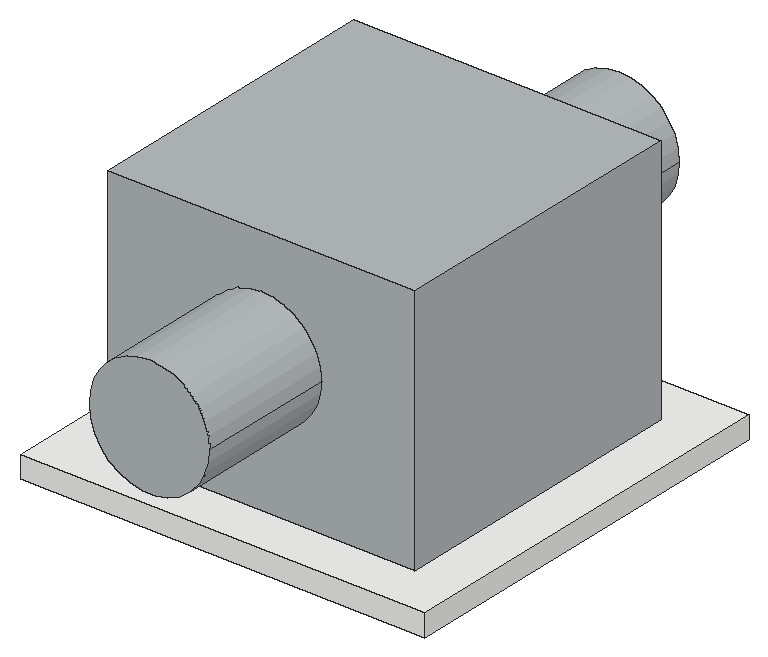
Revit family "vd-13_15zf14-bl_60Hz", category 機械設備, Revit 2019
Family settings
  丸型コネクタ寸法 = 直径を使用
  パーツ タイプ = 標準
  OmniClass 番号 = 23.75.35.17.27
  OmniClass タイトル = Centrifugal Fans
  作業面ベース = いいえ
  常に垂直 = はい
  ロード時にボイドで切り取り = いいえ
  共有 = いいえ
  部屋計算ポイント = はい
Parameters (values of type "VD-15ZF14-BL")
  騒音レベル(dB(A)) [instance] = 35
  風量 [instance] = 210.0 m³/h
  電源種別 [instance] = ""
  電圧 = 100 V
  電動機出力 = 0 W
  電動機_種別 [instance] = ""
  運転質量 = 0.00 kg
  連動 [instance] = ""
  質量 = if(製品質量 > 運転質量, 製品質量, 運転質量) * 1.2  # 5.28 kg
  負荷分類 = 3_ファン類
  説明 = "優良住宅部品(BL部品)認定 ダクト用換気扇<換気ユニット サニタリー用ファン 2室用Ⅱ型>"
  設計風量 [instance] = 0.0 m³/h
  設置方法 = "天埋"
  記号 [instance] = ""
  製造元 = "三菱電機株式会社"
  製品質量 = 4.40 kg
  製品出荷対象 = "国内"
  製品リリース年月 = "2024年6月3日"
  製品グループ = ""
  系統 [instance] = ""
  符号 [instance] = if(☑給気／□排気, "FS", "FE")  # "FE"
  積算_科目 = "2 換気設備"
  積算_拾い区分 [instance] = ""
  相 = 1
  盤記号 [instance] = ""
  発停方法 [instance] = ""
  特殊仕様 [instance] = ""
  火災停止 [instance] = ""
  消費電力 = 23 W
  法定耐用年数 = "15"
  機外静圧 [instance] = 0.0 Pa
  極数 = 2
  材質 [instance] = ""
  操作・制御方式 = ""
  操作・制御スイッチ = ""
  排気量 [instance] = if(☑給気／□排気, 0.0 m³/h, 設計風量)  # 0.0 m³/h
  形式 = "天井埋込ダクト形"
  幹線記号 [instance] = ""
  対象室 [instance] = ""
  実風量 [instance] = 0.0 m³/h
  始動方式 [instance] = "直入"
  外気量 [instance] = if(☑給気／□排気, 設計風量, 0.0 m³/h)  # 0.0 m³/h
  呼称 = "天井扇"
  周波数 = 60 Hz
  参照している仕様書等のバージョン = ""
  分類コード = "50052503100030"
  分類グループ = ""
  価格 = 41800
  企業コード = "108420"
  付属品_防振装置 = ""
  付属品 [instance] = ""
  仕様書バージョン = "Version1.0"
  モデル = "VD-15ZF14-BL"
  マテリアル = 鋼板
  ファンの種類 = ""
  ダクト径 = 100 mm
  コメント [instance] = ""
  Keynote = ""
  カバーマテリアル = 合成樹脂(白)
  ☑給気／□排気 [instance] = no
  Width = 251 mm
  W1 = 330 mm
  Version = ""
  Uniclass2015Version = "Systems v1.9"
  Uniclass2015Title = "Centrifugal fans"
  Uniclass2015Code = "Pr_65_67_29_12"
  URL = "https://www.mitsubishielectric.co.jp/ldg/wink/qr/002/333607/"
  SpecificationReference = ""
  SpecificationDescription = ""
  Revision = ""
  RAダクト接続口_3 = no
  RAダクト接続口_2 = no
  RAダクト接続口_1 = yes
  RAサイズ_D = 98 mm
  RA_Duct_Height = 111 mm
  RA_Duct_Depth = 114 mm
  ProductInformation = ""
  OmniClassCode = "23-33 31 19 11 15"
  MIN風量 = 0.0 m³/h
  MIN静圧 = 0.0 Pa
  MID風量 = 0.0 m³/h
  MID静圧 = 0.0 Pa
  MAX風量 = 210.0 m³/h
  MAX静圧 = 0.0 Pa
  IfcTypeProduct = ""
  IfcProduct = ""
  IfcExportType = "PROPELLORAXIAL"
  IfcExportAs = "IfcFanType"
  Height = 204 mm
  H1 = 18 mm
  EAサイズ_D = 98 mm
  EA_Duct_Height = 111 mm
  EA_Duct_Depth = 114 mm
  Duct_Height = 111 mm
  Duct_Depth = 114 mm
  Duct_Center = 0 mm
  Depth = 251 mm
  D1 = 330 mm
  Box_Width = 24.336 mm
  Box_W = 104.664 mm
  Box_Height = 87 mm
  Box_H = 41.608 mm
  Author = "三菱電機株式会社"
Types (2, lengths in mm): name | 騒音レベル(dB(A)) | 風量 | 説明 | 消費電力 | 価格 | モデル | URL | MAX風量
  VD-13ZF14-BL | 28.5 | 170.0 m³/h | "優良住宅部品(BL部品)認定 ダクト用換気扇<換気ユニット サニタリー用ファン 2室用I型>" | 15.5 W | 38900 | "VD-13ZF14-BL" | "https://www.mitsubishielectric.co.jp/ldg/wink/qr/002/333587/" | 170.0 m³/h
  VD-15ZF14-BL | 35 | 210.0 m³/h | "優良住宅部品(BL部品)認定 ダクト用換気扇<換気ユニット サニタリー用ファン 2室用Ⅱ型>" | 23 W | 41800 | "VD-15ZF14-BL" | "https://www.mitsubishielectric.co.jp/ldg/wink/qr/002/333607/" | 210.0 m³/h
Reference planes
  plane 1 "中心(正面/背面)": y = 0
  plane 2: z = 0
  plane 3 "中心(左/右)": x = 0
  plane 4: x = -165
  plane 5: x = 165
  plane 6: y = 165
  plane 7: y = -165
  plane 8: x = -125.5
  plane 9: x = 125.5
  plane 10: y = 125.5
  plane 11: y = -125.5
  plane 12: y = -239.5
  plane 13: z = 204
  plane 14: z = -18
  plane 15: z = 111
  plane 16: x = 0
  plane 17: y = 239.5
  plane 18: z = 111
  plane 19: x = 239.5
  plane 20: x = -239.5
  plane 21: z = 111
  plane 22: x = 104.664
  plane 23: x = 80.327
  plane 24: z = 23.608
  plane 25: z = 110.608
Forms (mm)
  Extrusion 1, solid, material "鋼板" <- "マテリアル", detail levels fine
    sketch origin (0, 0, 0) x (1, 0, 0) y (0, 1, 0)
      loop
        line (-125.5, 125.5) -> (-125.5, -125.5) -> (125.5, -125.5) -> (125.5, 125.5) -> (-125.5, 125.5)
    from 0 to 204
  Extrusion 2, solid, material "合成樹脂(白)" <- "カバーマテリアル", detail levels fine
    sketch origin (0, 0, 0) x (1, 0, 0) y (0, 1, 0)
      loop
        line (-165, 165) -> (-165, -165) -> (165, -165) -> (165, 165) -> (-165, 165)
    from 0 to -18
  Extrusion 3, solid, material "鋼板" <- "マテリアル", detail levels fine
    sketch origin (0, 0, 0) x (1, 0, 0) y (0, 0, 1)
      loop
        circle (0, 111) r 49
    from 125.5 to 239.5
  Extrusion 4, solid, material "鋼板" <- "マテリアル", visible <- "RAダクト接続口_1", detail levels fine
    sketch origin (1.655, 0, 0) x (1, 0, 0) y (0, 0, 1)
      loop
        circle (-1.655, 111) r 49
    from -239.5 to -125.5
  Extrusion 5, solid, material "鋼板" <- "マテリアル", visible <- "RAダクト接続口_3", detail levels fine
    sketch origin (0, 0, 0) x (0, 1, 0) y (0, 0, 1)
      loop
        circle (0, 111) r 49
    from -239.5 to -125.5
  Extrusion 6, solid, material "鋼板" <- "マテリアル", visible <- "RAダクト接続口_2", detail levels fine
    sketch origin (0, 0, 0) x (0, 1, 0) y (0, 0, 1)
      loop
        circle (0, 111) r 49
    from 125.5 to 239.5
Dimensions and locks
  equal spacing: plane 4, plane 3 "中心(左/右)", plane 5
  "W1": plane 4 to plane 5
  equal spacing: plane 6, plane 1 "中心(正面/背面)", plane 7
  "D1": plane 6 to plane 7
  equal spacing: plane 8, plane 3 "中心(左/右)", plane 9
  "Width": plane 8 to plane 9
  equal spacing: plane 10, plane 1 "中心(正面/背面)", plane 11
  "Depth": plane 10 to plane 11
  "EA_Duct_Depth": plane 11 to plane 12
  "Height": plane 13 to plane 2
  "EA_Duct_Height": plane 15 to plane 2
  "H1": plane 2 to plane 14
  "Duct_Center": plane 3 "中心(左/右)" to plane 16
  "RA_Duct_Height": level to plane 18
  "RA_Duct_Depth": plane 17 to plane 10
  "RA_Duct_Depth": plane 9 to plane 19
  "RA_Duct_Depth": plane 20 to plane 8
  "RA_Duct_Height": plane 21 to level
  "Box_W": plane 22 to plane 3 "中心(左/右)"
  "Box_Width": plane 22 to plane 23
  "Box_H": plane 24 to plane 14
  "Box_Height": plane 25 to plane 24
  "EAサイズ_D": diameter of Extrusion 3 sketch curve
  "RAサイズ_D": diameter of Extrusion 4 sketch curve
  "RAサイズ_D": diameter of Extrusion 6 sketch curve
  "RAサイズ_D": diameter of Extrusion 6
  aligned and locked: level to plane 2
  aligned and locked: plane 5 to Extrusion 2
  aligned and locked: plane 6 to Extrusion 2
  aligned and locked: Extrusion 2 to plane 4
  aligned and locked: Extrusion 2 to plane 7
  aligned and locked: plane 9 to Extrusion 1
  aligned and locked: Extrusion 1 to plane 11
  aligned and locked: Extrusion 1 to plane 8
  aligned and locked: plane 10 to Extrusion 1
  aligned and locked: plane 13 to Extrusion 1
  aligned and locked: Extrusion 2 to plane 14
  aligned and locked: level to Extrusion 2
  aligned and locked: Extrusion 1 to level
  aligned and locked: Extrusion 3 to plane 12
  aligned and locked: plane 11 to Extrusion 3
  aligned and locked: plane 17 to Extrusion 4
  aligned and locked: Extrusion 4 to plane 10
  aligned and locked: plane 8 to Extrusion 5
  aligned and locked: Extrusion 5 to plane 20
  aligned and locked: Extrusion 6 to plane 9
  aligned and locked: plane 19 to Extrusion 6
Automatic sketch dimensions
  Extrusion 1 sketch curve to plane 3 "中心(左/右)" = 125.5 mm
  plane 3 "中心(左/右)" to Extrusion 1 sketch curve = 125.5 mm
  Extrusion 2 sketch curve to plane 3 "中心(左/右)" = 165 mm
  plane 3 "中心(左/右)" to Extrusion 2 sketch curve = 165 mm
  plane 1 "中心(正面/背面)" to Extrusion 1 sketch curve = 125.5 mm
  Extrusion 1 sketch curve to plane 1 "中心(正面/背面)" = 125.5 mm
  plane 1 "中心(正面/背面)" to Extrusion 2 sketch curve = 165 mm
  Extrusion 2 sketch curve to plane 1 "中心(正面/背面)" = 165 mm
  Extrusion 3 sketch curve to plane 15 = 0 mm
  Extrusion 3 sketch curve to plane 16 = 0 mm
  Extrusion 4 sketch curve to plane 16 = 0 mm
  Extrusion 4 sketch curve to plane 18 = 0 mm
  Extrusion 6 sketch curve to plane 1 "中心(正面/背面)" = 0 mm
  Extrusion 6 sketch curve to plane 18 = 0 mm
  Extrusion 5 sketch curve to plane 1 "中心(正面/背面)" = 0 mm
  Extrusion 5 sketch curve to plane 18 = 0 mm
  radius of Extrusion 5 sketch curve = 49 mm
Nested families
  nested 1: "記号_天井換気扇_平面" at (0, 0, 0), type "記号_天井換気扇_平面", detail levels coarse+medium
Connectors
  hvac at (0, -239.5, 111), driven by "ダクト径", driven by "風量", driven by "機外静圧"
    settings: on Extrusion 3, index 1, duct flow 210.0 m³/h, flow factor 0, pres drop 0.0 Pa, loss coef 0, conn angle 0.00°, conn width 304.8 mm, conn height 304.8 mm, conn diameter 100 mm, duct sys type 3, conn prof type 0, flow config 0, flow direction 2, loss method 4, conn ref index -1, conn util no, is conn primary yes, conn desc ""
  electrical at (0, 0, 204), driven by "極数", driven by "負荷分類", driven by "電圧", driven by "消費電力"
    settings: on Extrusion 1, index 2, voltage 100 V, apparent load 23 VA, apparent load phase1 0 VA, apparent load phase2 0 VA, apparent load phase3 0 VA, power factor 1, load classification "3_ファン類", number of poles 2, system type 30, power factor state 1, is connector primary yes, connector utility no, sub classification motor no, connector description ""
  hvac at (0, 239.5, 111), driven by "ダクト径", driven by "機外静圧", driven by "風量"
    settings: on Extrusion 4, index 4, duct flow 210.0 m³/h, flow factor 0, pres drop 0.0 Pa, loss coef 0, conn angle 0.00°, conn width 304.8 mm, conn height 304.8 mm, conn diameter 100 mm, duct sys type 2, conn prof type 0, flow config 0, flow direction 1, loss method 4, conn ref index -1, conn util no, is conn primary no, conn desc ""
  hvac at (239.5, 0, 111), driven by "RAサイズ_D", driven by "機外静圧", driven by "風量"
    settings: on Extrusion 6, index 5, duct flow 210.0 m³/h, flow factor 0, pres drop 0.0 Pa, loss coef 0, conn angle 0.00°, conn width 304.8 mm, conn height 304.8 mm, conn diameter 98 mm, duct sys type 2, conn prof type 0, flow config 0, flow direction 1, loss method 4, conn ref index -1, conn util no, is conn primary no, conn desc ""
  hvac at (-239.5, 0, 111), driven by "RAサイズ_D", driven by "機外静圧", driven by "風量"
    settings: on Extrusion 5, index 6, duct flow 210.0 m³/h, flow factor 0, pres drop 0.0 Pa, loss coef 0, conn angle 0.00°, conn width 304.8 mm, conn height 304.8 mm, conn diameter 98 mm, duct sys type 2, conn prof type 0, flow config 0, flow direction 1, loss method 4, conn ref index -1, conn util no, is conn primary no, conn desc ""
Definition of nested family "記号_天井換気扇_平面"
  Reference planes
    plane 1: y = 0
    plane 2: x = 0
  Lines and regions (mm)
    detail lines
      curve 1: line (-2.5, 2.5, 0) -> (2.5, 2.5, 0)
      curve 2: line (-2.5, -2.5, 0) -> (-2.5, 2.5, 0)
      curve 3: line (2.5, -2.5, 0) -> (-2.5, -2.5, 0)
      curve 4: line (2.5, 2.5, 0) -> (2.5, -2.5, 0)
      curve 5: circle (-1.04, -1.04, 0) r 1.46 normal (0, 0, 1)
      curve 6: circle (1.04, 1.04, 0) r 1.46 normal (0, 0, 1)
      curve 7: line (-3.125, 3.125, 0) -> (3.125, 3.125, 0)
      curve 8: line (-3.125, -3.125, 0) -> (-3.125, 3.125, 0)
      curve 9: line (3.125, -3.125, 0) -> (-3.125, -3.125, 0)
      curve 10: line (3.125, 3.125, 0) -> (3.125, -3.125, 0)
      curve 11: circle (1.295, 1.295, 0) r 1.83 normal (0, 0, 1)
      curve 12: circle (-1.295, -1.295, 0) r 1.83 normal (0, 0, 1)
      curve 13: line (-2, 2, 0) -> (2, 2, 0)
      curve 14: line (-2, -2, 0) -> (-2, 2, 0)
      curve 15: line (2, -2, 0) -> (-2, -2, 0)
      curve 16: line (2, 2, 0) -> (2, -2, 0)
      curve 17: circle (0.84, 0.84, 0) r 1.16 normal (0, 0, 1)
      curve 18: circle (-0.84, -0.84, 0) r 1.2 normal (0, 0, 1)
